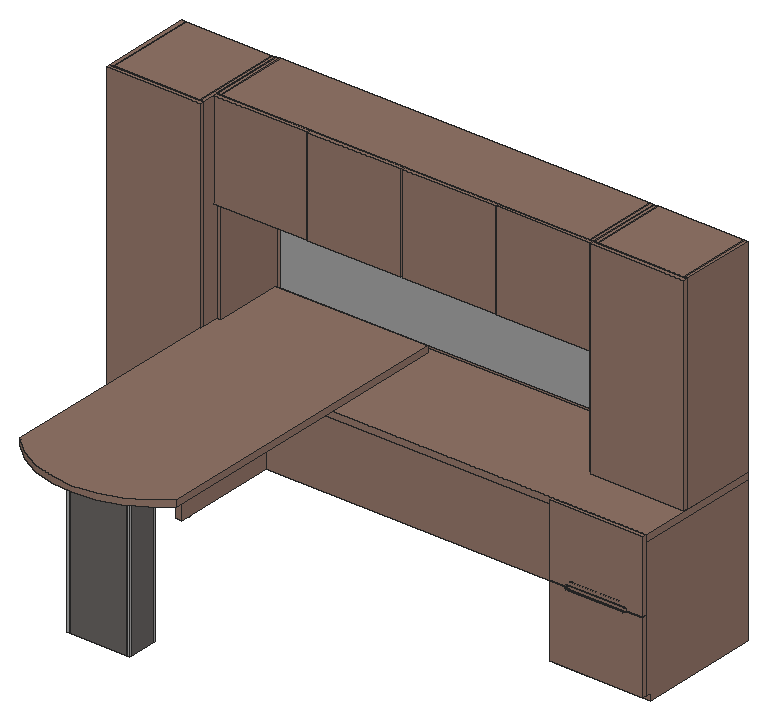
Revit family "OFS TYPICAL T100007", category Furniture, Revit 2022 (continued)
Definition of nested family "OFS SLATE HIGHBACK ORGANIZER"
  Types (27): name | Width | Model | Length 2 | Length 1 | High | Height 1 | Height | Description | Center Doors
    Highback Organizer 4 Doors 84W x 40H - 1 High | 7' - 0" | "CA-8440HD19" | 3' - 6" | 0' - 0" | 1 | 1' - 7" | 3' - 4" | "OFS SLATE Highback Organizer 4 Doors, 84W x 15D x 39.5H, Slate Private Office" | no
    Highback Organizer 4 Doors 78W x 40H - 1 High | 6' - 6" | "CA-7840HD19" | 3' - 3" | 0' - 0" | 1 | 1' - 7" | 3' - 4" | "OFS SLATE Highback Organizer 4 Doors, 78W x 15D x 39.5H, Slate Private Office" | no
    Highback Organizer 4 Doors 72W x 40H - 1 High | 6' - 0" | "CA-7240HD19" | 3' - 0" | 0' - 0" | 1 | 1' - 7" | 3' - 4" | "OFS SLATE Highback Organizer 4 Doors, 72W x 15D x 39.5H, Slate Private Office" | no
    Highback Organizer 4 Doors 66W x 40H - 1 High | 5' - 6" | "CA-6640HD19" | 2' - 9" | 0' - 0" | 1 | 1' - 7" | 3' - 4" | "OFS SLATE Highback Organizer 4 Doors, 66W x 15D x 39.5H, Slate Private Office" | no
    Highback Organizer 4 Doors 60W x 40H - 1 High | 5' - 0" | "CA-6040HD19" | 2' - 6" | 0' - 0" | 1 | 1' - 7" | 3' - 4" | "OFS SLATE Highback Organizer 4 Doors, 60W x 15D x 39.5H, Slate Private Office" | no
  Reference planes (in)
    plane 1 "Center (Front/Back)": y = 0
    plane 2: z = 0
    plane 3 "Center (Left/Right)": x = 0
    plane 4: x = 60
    plane 5: y = -14.25
    plane 6: x = 30
    plane 7: z = 29.25
    plane 8: z = 68.75
    plane 9: z = 68
    plane 10: z = 51.4375
    plane 11: z = 50.25
    plane 12: z = 29.75
    plane 13: z = 69.25
    plane 14: x = 30
    plane 15: x = 30
    plane 16: x = 15
    plane 17: x = 45
  Forms (in)
    Extrusion 1, solid, material <- "Panel"
      sketch origin (30, -0.75, 47.24409) x (0, 1, 0) y (0, 0, 1)
        loop
          line (0, 20.7559) -> (-13.5, 20.7559) -> (-13.5, 4.19341) -> (0, 4.19341) -> (0, 20.7559)
      from -0.375 to 0.375
    Extrusion 2, solid, material <- "Panel"
      sketch origin (30, -0.75, 47.24409) x (0, 1, 0) y (0, 0, -1)
        loop
          line (0, -20.7559) -> (0, -4.19341) -> (-13.5, -4.19341) -> (-13.5, -20.7559) -> (0, -20.7559)
      from -0.375 to 0.375
    Extrusion 3, solid, material <- "Panel"
      sketch origin (0, 0, 0) x (1, 0, 0) y (0, 0, 1)
        loop
          line (0, 68.75) -> (0, 29.25) -> (0.75, 29.25) -> (0.75, 68.75) -> (0, 68.75)
        loop
          line (60, 68.75) -> (59.25, 68.75) -> (59.25, 29.25) -> (60, 29.25) -> (60, 68.75)
      from 0 to 14.25
    Extrusion 4, solid, material <- "Back"
      sketch origin (0.75, 0, 68.75) x (0, 0, -1) y (0, 1, 0)
        loop
          line (0.75, 0) -> (0.75, -0.75) -> (39, -0.75) -> (39, 0) -> (0.75, 0)
      from 0 to 58.5
    Extrusion 5, solid, material <- "Base Panel"
      sketch origin (0.75, 0, 68.75) x (0, 0, -1) y (0, 1, 0)
        loop
          line (17.3125, -0.75) -> (17.3125, -14.25) -> (18.5, -14.25) -> (18.5, -0.75) -> (17.3125, -0.75)
      from 0 to 58.5
    Extrusion 6, solid, material <- "Top"
      sketch origin (0.75, 0, 68.75) x (0, 0, -1) y (0, 1, 0)
        loop
          line (0, 0) -> (0, -14.25) -> (0.75, -14.25) -> (0.75, 0) -> (0, 0)
      from 0 to 58.5
    Extrusion 7, solid, material <- "Doors", visible <- "Show Doors"
      sketch origin (-3.76383, -14.25, 47.24409) x (-1, 0, 0) y (0, 0, 1)
        loop
          line (-3.88883, 21.5059) -> (-18.69883, 21.5059) -> (-18.69883, 3.00591) -> (-3.88883, 3.00591) -> (-3.88883, 21.5059)
        loop
          line (-63.63883, 21.5059) -> (-63.63883, 3.00591) -> (-48.82883, 3.00591) -> (-48.82883, 21.5059) -> (-63.63883, 21.5059)
      from 0 to -0.74845
    Extrusion 8, solid, material <- "Doors", visible <- "Show Doors"
      sketch origin (-3.76383, -14.25, 47.24409) x (-1, 0, 0) y (0, 0, 1)
        loop
          line (-33.63883, 21.5059) -> (-33.63883, 3.00591) -> (-18.82883, 3.00591) -> (-18.82883, 21.5059) -> (-33.63883, 21.5059)
        loop
          line (-33.88883, 21.5059) -> (-48.69883, 21.5059) -> (-48.69883, 3.00591) -> (-33.88883, 3.00591) -> (-33.88883, 21.5059)
      from 0 to -0.74845
    Extrusion 9, solid, material <- "Doors", visible <- "Center Doors"
      sketch origin (-3.76383, -14.25, 47.24409) x (-1, 0, 0) y (0, 0, 1)
        loop
          line (-33.69883, 21.5059) -> (-33.69883, 3.00591) -> (-3.76383, 3.00591) -> (-3.76383, 21.5059) -> (-33.69883, 21.5059)
        loop
          line (-33.82883, 21.5059) -> (-63.76383, 21.5059) -> (-63.76383, 3.00591) -> (-33.82883, 3.00591) -> (-33.82883, 21.5059)
      from 0 to -0.74845
  Lines and regions (in)
    Masking region 1
      outline origin (69.63251, -60, 68.75) x (0, -1, 0) y (1, 0, 0)
        loop
          line (-60, -69.63251) -> (-45.75, -69.63251) -> (-45.75, -9.63251) -> (-60, -9.63251) -> (-60, -69.63251)
  Dimensions and locks (in)
    "Width": plane 3 "Center (Left/Right)" to plane 4
    equal spacing: plane 3 "Center (Left/Right)", plane 6, plane 4
    plane 1 "Center (Front/Back)" to plane 5 = 1' - 2 1/4"
    "Height": plane 13 to plane 7
    plane 13 to plane 8 to plane 9 = 0' - 0 1/2" locked, 0' - 0 3/4" locked
    locked: plane 10 to plane 11 at 1.1875
    locked: plane 12 to plane 7 at 0.5
    "Height 1": plane 13 to plane 11
    "Length 1": plane 14 to plane 6
    "Elevation": plane 7 to level
    "Length 1": plane 15 to plane 6
    locked: Extrusion 3 sketch curve to plane 3 "Center (Left/Right)" at 0.75
    locked: plane 4 to Extrusion 3 sketch curve at 0.75
    locked: Extrusion 7 sketch curve to plane 3 "Center (Left/Right)" at 0.125
    locked: Extrusion 7 sketch curve to plane 16 at 0.065
    locked: Extrusion 7 sketch curve to plane 17 at 0.065
    locked: plane 4 to Extrusion 7 sketch curve at 0.125
    equal spacing: plane 3 "Center (Left/Right)", plane 16, plane 14
    equal spacing: plane 15, plane 17, plane 4
    locked: plane 16 to Extrusion 8 sketch curve at 0.065
    locked: plane 14 to Extrusion 8 sketch curve at 0.125
    locked: plane 15 to Extrusion 8 sketch curve at 0.125
    locked: plane 17 to Extrusion 8 sketch curve at 0.065
    Extrusion 9 sketch curve to plane 6 to Extrusion 9 sketch curve = 0' - 0.065" locked, 0' - 0.065" locked
    "Length 2": Extrusion 9 sketch curve to plane 6
    "Length 2": plane 6 to Extrusion 9 sketch curve
    aligned and locked: level to plane 2
    aligned and locked: plane 6 to nested 1
    aligned and locked: nested 1 to plane 5
    aligned and locked: plane 5 to Extrusion 1 sketch curve
    aligned and locked: Extrusion 1 sketch curve to plane 10
    aligned and locked: Extrusion 1 sketch curve to plane 9
    aligned and locked: Extrusion 2 sketch curve to plane 9
    aligned and locked: Extrusion 2 sketch curve to plane 10
    aligned and locked: plane 5 to Extrusion 2 sketch curve
    aligned and locked: plane 3 "Center (Left/Right)" to Extrusion 3 sketch curve
    aligned and locked: plane 8 to Extrusion 3 sketch curve
    aligned and locked: plane 7 to Extrusion 3 sketch curve
    aligned and locked: Extrusion 3 sketch curve to plane 7
    aligned and locked: plane 4 to Extrusion 3 sketch curve
    aligned and locked: Extrusion 3 sketch curve to plane 8
    aligned and locked: Extrusion 3 to plane 5
    aligned and locked: Extrusion 4 sketch curve to plane 12
    aligned and locked: Extrusion 4 sketch curve to plane 9
    aligned and locked: Extrusion 4 to Extrusion 3
    aligned and locked: plane 10 to Extrusion 5 sketch curve
    aligned and locked: plane 11 to Extrusion 5 sketch curve
    aligned and locked: Extrusion 5 to Extrusion 3
    aligned and locked: plane 9 to Extrusion 6 sketch curve
    aligned and locked: plane 8 to Extrusion 6 sketch curve
    aligned and locked: Extrusion 6 to Extrusion 3
    aligned and locked: Masking region 1 sketch curve to Extrusion 3  (x4)
    aligned and locked: plane 11 to Extrusion 7 sketch curve
    aligned and locked: plane 8 to Extrusion 7 sketch curve
    aligned and locked: Extrusion 7 sketch curve to plane 11
    aligned and locked: Extrusion 7 sketch curve to plane 8
    aligned and locked: plane 8 to Extrusion 8 sketch curve
    aligned and locked: plane 11 to Extrusion 8 sketch curve
    aligned and locked: Extrusion 8 sketch curve to plane 11
    aligned and locked: Extrusion 8 sketch curve to plane 8
    aligned and locked: plane 8 to Extrusion 9 sketch curve
    aligned and locked: Extrusion 9 sketch curve to plane 8
    aligned and locked: plane 11 to Extrusion 9 sketch curve
    aligned and locked: Extrusion 9 sketch curve to plane 11
  Automatic sketch dimensions
    plane 1 "Center (Front/Back)" to Extrusion 1 sketch curve = 0' - 0 3/4"
    Extrusion 2 sketch curve to plane 1 "Center (Front/Back)" = 0' - 0 3/4"
    Extrusion 4 sketch curve to Extrusion 3 = 0' - 0"
    Extrusion 3 to Extrusion 4 sketch curve = 0' - 0 3/4"
    Extrusion 5 sketch curve to Extrusion 3 = 0' - 0"
    Extrusion 3 to Extrusion 5 sketch curve = 0' - 0 3/4"
    Extrusion 6 sketch curve to Extrusion 3 = 0' - 0"  (x2)
  Nested families (in)
    nested 1: "Tag" at (30, -14.25, 0), type "Center", detail levels fine
      with Offset (LR) 0' - 0"
  Definition of nested family "Tag"
    Parameters
      P_Width = 0' - 0"
      Text_Width = "Empty"
      Text_Height = "Empty"
      Text_Diameter = "Empty"
      Text_Depth = "Empty"
      Offset (LR) [instance] = 0' - 0"
      Model Name = "Type Catalog"
      P_Height = 0' - 0"
      Distance of Center (not Change) = 0' - 0.1"
      P_Diameter = 0' - 0"
      P_Depth = 0' - 0"
    Reference planes (in)
      plane 1: y = 0
      plane 2: x = 0
    Lines and regions (in)
      reference lines
        curve 1: line (-0.44359, 0.1, 0) -> (0.41085, 0.1, 0)
        curve 3: line (0, 0.42564, 0) -> (0, -0.30221, 0)
      reference lines, not visible
        curve 2: line (-0.44359, 0.09843, 0) -> (0.41085, 0.09843, 0)
        curve 4: line (0, 0.42407, 0) -> (0, -0.30379, 0)
    Text (in)
      label "Empty" at (0.00197, 0.0921, 0), shows "Model Name"
      label "Empty" at (0.00197, 0.09052, 0), shows "Model Name", not visible
    Dimensions and locks (in)
      "Distance of Center (not Change)": plane 1 to curve 1
      "Offset (LR)": curve 3 to plane 2
    Automatic sketch dimensions
      curve 1 to curve 3 = 0' - 0.44359"
      curve 3 to curve 1 = 0' - 0.41085"
      curve 3 to curve 1 = 0' - 0.40221"
      curve 1 to curve 3 = 0' - 0.32564"
      curve 2 to curve 4 = 0' - 0.44359"
      curve 4 to curve 2 = 0' - 0.41085"
      curve 4 to curve 2 = 0' - 0.40221"
      curve 2 to curve 4 = 0' - 0.32564"
Definition of nested family "OFS SLATE CREDENZA SINGLE LATERAL FILE"
  Parameters (values of type "Credenza Single Lateral 108W Left, 36 file")
    Width = 9' - 0"
    URL = "http://www.ofs.com/"
    Type = 2
    Top [instance] = none
    Right = Type = 1  # no
    Panel [instance] = none
    Mount Panel [instance] = none
    Model = "CA-10824CRLL-2"
    Manufacturer = "CAROLINA"
    Length = if(Width = 6' 0", 3' 0", if(Width = 7' 6", 1' 6", if(Width = 9' 0", 3' 0", 2' 6")))  # 3' - 0"
    Left = Type = 2  # yes
    Glides [instance] = none
    Drawers [instance] = none
    Description = "OFS SLATE Credenza Single Lateral Left, 36 File 108W x 24D x 29,25H, Slate Private Office"
    Default Elevation = 0' - 0"
    Copyright © = "© 2019 OFS"
    Catalog = "https://ofs.com/products/tables/conference/slate"
    Case [instance] = none
    Base [instance] = none
    Authoring Version = "Autodesk Revit Architecture 2014"
    Assembly Code = "E2020200"
    Acessories = Width > 6' 0"  # yes
  Types (10): name | Width | Type | Right | Model | Length | Left | Description | Acessories
    Credenza Single Lateral 108W Left, 36 file | 9' - 0" | 2 | no | "CA-10824CRLL-2" | 3' - 0" | yes | "OFS SLATE Credenza Single Lateral Left, 36 File 108W x 24D x 29,25H, Slate Private Office" | yes
    Credenza Single Lateral 90W Left, 36 file | 7' - 6" | 2 | no | "CA-9024CRLL-2" | 1' - 6" | yes | "OFS SLATE Credenza Single Lateral Left, 36 File 90W x 24D x 29,25H, Slate Private Office" | yes
    Credenza Single Lateral 72W Left, 36 file | 6' - 0" | 2 | no | "CA-7224CRLL-2" | 3' - 0" | yes | "OFS SLATE Credenza Single Lateral Left, 36 File 72W x 24D x 29,25H, Slate Private Office" | no
    Credenza Single Lateral 66W Left, 30 file | 5' - 6" | 2 | no | "CA-6624CRLL-2" | 2' - 6" | yes | "OFS SLATE Credenza Single Lateral Left, 30 File 66W x 24D x 29,25H, Slate Private Office" | no
    Credenza Single Lateral 60W Left, 30 file | 5' - 0" | 2 | no | "CA-6024CRLL-2" | 2' - 6" | yes | "OFS SLATE Credenza Single Lateral Left, 30 File 60W x 24D x 29,25H, Slate Private Office" | no
    Credenza Single Lateral 108W Right, 36 file | 9' - 0" | 1 | yes | "CA-10824CRRL-2" | 3' - 0" | no | "OFS SLATE Credenza Single Lateral Right, 36 File 108W x 24D x 29,25H, Slate Private Office" | yes
    Credenza Single Lateral 90W Right, 36 file | 7' - 6" | 1 | yes | "CA-9024CRRL-2" | 1' - 6" | no | "OFS SLATE Credenza Single Lateral Right, 36 File 90W x 24D x 29,25H, Slate Private Office" | yes
    Credenza Single Lateral 72W Right, 36 file | 6' - 0" | 1 | yes | "CA-7224CRRL-2-2" | 3' - 0" | no | "OFS SLATE Credenza Single Lateral Right, 36 File 72W x 24D x 29,25H, Slate Private Office" | no
    Credenza Single Lateral 66W Right, 30 file | 5' - 6" | 1 | yes | "CA-6624CRRL-2" | 2' - 6" | no | "OFS SLATE Credenza Single Lateral Right, 30 File 66W x 24D x 29,25H, Slate Private Office" | no
    Credenza Single Lateral 60W Right, 30 file | 5' - 0" | 1 | yes | "CA-6024CRRL-2" | 2' - 6" | no | "OFS SLATE Credenza Single Lateral Right, 30 File 60W x 24D x 29,25H, Slate Private Office" | no
  Reference planes (in)
    plane 1 "Center (Front/Back)": y = 0
    plane 2: z = 0
    plane 3 "Center (Left/Right)": x = 0
    plane 4: x = -108
    plane 5: z = 29.2
    plane 6: z = 28.0125
    plane 7: z = 27.2625
    plane 8: z = 14.45
    plane 9: z = 15.48125
    plane 10: z = 0.45
    plane 11: y = 24
    plane 12: y = 12
    plane 13: y = 22.62456
    plane 14: y = 2.25044
    plane 15: x = 108
  Dimensions and locks (in)
    "Width": plane 4 to plane 3 "Center (Left/Right)"
    equal spacing: plane 11, plane 12, plane 1 "Center (Front/Back)"
    locked: plane 11 to plane 1 "Center (Front/Back)" at 24
    equal spacing: plane 4, nested 1, plane 3 "Center (Left/Right)"
    "Width": plane 15 to plane 3 "Center (Left/Right)"
    equal spacing: plane 15, nested 2, plane 3 "Center (Left/Right)"
    aligned and locked: level to plane 2
  Nested families (in)
    nested 1: "Tag" at (-54, -0.82971, 0) x (-1, 0, 0) z (0, 0, 1), visible <- "Left", type "Center", detail levels fine
      with Offset (LR) 0' - 0", Distance of Center (not Change) 0' - 0.11"
    nested 2: "Tag" at (54, -0.82971, 0), visible <- "Right", type "Center", detail levels fine
      with Offset (LR) 0' - 0", Distance of Center (not Change) 0' - 0.11"
    nested 3: "OFS_Slate Private Office_Credenza_Single_Lateral_File" at (0, 0, 0), visible <- "Left", Top <- "Top", Panel <- "Panel", Mount Panel <- "Mount Panel", Glides <- "Glides", Drawers <- "Drawers", Case <- "Case", Base <- "Base", type "OFS_Slate Private Office_Credenza_Single_Lateral_File"
      with Top none, Right no, Panel none, Mount Panel none, Left yes, Glides none, Drawers none, Case none, Base none, Width 9' - 0", Length 3' - 0", Acessories yes
    nested 4: "OFS_Slate Private Office_Credenza_Single_Lateral_File" at (0, 0, 0) x (-1, 0, 0) z (0, 0, 1), visible <- "Right", Top <- "Top", Panel <- "Panel", Mount Panel <- "Mount Panel", Glides <- "Glides", Drawers <- "Drawers", Case <- "Case", Base <- "Base", type "OFS_Slate Private Office_Credenza_Single_Lateral_File"
      with Top none, Right no, Panel none, Mount Panel none, Left yes, Glides none, Drawers none, Case none, Base none, Width 9' - 0", Length 3' - 0", Acessories yes
  Definition of nested family "OFS_Slate Private Office_Credenza_Single_Lateral_File"
    Parameters
      Width = 5' - 0"
      URL = "http://www.ofsbrands.com/"
      Top [instance] = none
      Right [instance] = yes
      Panel [instance] = none
      Mount Panel [instance] = none
      Model = "Type Catalog"
      Manufacturer = "OFS BRANDS"  # constant formula
      Length = if(Width = 6' 0", 3' 0", if(Width = 7' 6", 1' 6", if(Width = 9' 0", 3' 0", 2' 6")))  # 2' - 6"
      Left [instance] = yes
      Glides [instance] = none
      Drawers [instance] = none
      Description = "Type Catalog"
      Default Elevation = 0' - 0"
      Copyright © = "© 2016 OFS BRANDS"  # constant formula
      Catalog = "OFS"  # constant formula
      Case [instance] = none
      Base [instance] = none
      Authoring Version = "Autodesk Revit Architecture 2014"  # constant formula
      Assembly Code = "E2020200"
      Acessories = Width > 6' 0"  # no
    Reference planes (in)
      plane 1 "Center (Front/Back)": y = 0
      plane 2: z = 0
      plane 3 "Center (Left/Right)": x = 0
      plane 4: x = -60
      plane 5: z = 29.2
      plane 6: z = 28.0125
      plane 7: z = 27.2625
      plane 8: z = 14.45
      plane 9: z = 15.48125
      plane 10: z = 0.45
      plane 11: x = -30
      plane 12: y = 24
      plane 13: y = 12
      plane 14: y = 22.62456
      plane 15: y = 2.25044
      plane 16: x = -58.6091
      plane 17: x = -31.3909
      plane 18: x = -0.59375
      plane 19: x = -30
      plane 20: x = -36.59375
    Forms (in)
      Revolve 1, solid, material <- "Glides"
        sketch origin (-58.6091, 22.99766, 47.24409) x (0, -1, 0) y (0, 0, 1)
          loop
            line (0.3731, -47.24409) -> (0.3731, -46.79409) -> (0.08442, -46.79409) -> (0.08442, -46.99165)
            arc (0.08442, -46.99165) -> (-0.00059, -47.13636) -> (0.1281, -47.24409) r 0.12988
            line (0.1281, -47.24409) -> (0.3731, -47.24409)
          axis (0.3731, -46.79409) -> (0.3731, -47.24409)
        angle from 0 to 360
      Revolve 2, solid, material <- "Glides"
        sketch origin (-58.6091, 1.00234, 47.24409) x (0, 1, 0) y (0, 0, -1)
          loop
            line (1.2481, 47.24409) -> (1.0031, 47.24409)
            arc (1.0031, 47.24409) -> (0.87441, 47.13636) -> (0.95942, 46.99165) r 0.12988
            line (0.95942, 46.99165) -> (0.95942, 46.79409) -> (1.2481, 46.79409) -> (1.2481, 47.24409)
          axis (1.2481, 46.79409) -> (1.2481, 47.24409)
        angle from 0 to 360
      Revolve 3, solid, material <- "Glides"
        sketch origin (-31.3909, 22.99766, 47.24409) x (0, -1, 0) y (0, 0, 1)
          loop
            line (0.3731, -47.24409) -> (0.3731, -46.79409) -> (0.08442, -46.79409) -> (0.08442, -46.99165)
            arc (0.08442, -46.99165) -> (-0.00059, -47.13636) -> (0.1281, -47.24409) r 0.12988
            line (0.1281, -47.24409) -> (0.3731, -47.24409)
          axis (0.3731, -46.79409) -> (0.3731, -47.24409)
        angle from 0 to 360
      Revolve 4, solid, material <- "Glides"
        sketch origin (-31.3909, 22.99766, 47.24409) x (0, -1, 0) y (0, 0, 1)
          loop
            line (20.74722, -47.24409) -> (20.99222, -47.24409)
            arc (20.99222, -47.24409) -> (21.12091, -47.13636) -> (21.0359, -46.99165) r 0.12988
            line (21.0359, -46.99165) -> (21.0359, -46.79409) -> (20.74722, -46.79409) -> (20.74722, -47.24409)
          axis (20.74722, -46.79409) -> (20.74722, -47.24409)
        angle from 0 to 360
      Revolve 5, solid, material <- "Glides"
        sketch origin (-0.59375, 22.99766, 47.24409) x (0, -1, 0) y (0, 0, 1)
          loop
            line (0.3731, -47.24409) -> (0.3731, -46.79409) -> (0.08442, -46.79409) -> (0.08442, -46.99165)
            arc (0.08442, -46.99165) -> (-0.00059, -47.13636) -> (0.1281, -47.24409) r 0.12988
            line (0.1281, -47.24409) -> (0.3731, -47.24409)
          axis (0.3731, -46.79409) -> (0.3731, -47.24409)
        angle from 0 to 360
      Revolve 6, solid, material <- "Glides"
        sketch origin (-0.59375, 22.99766, 47.24409) x (0, -1, 0) y (0, 0, 1)
          loop
            line (20.74722, -47.24409) -> (20.99222, -47.24409)
            arc (20.99222, -47.24409) -> (21.12091, -47.13636) -> (21.0359, -46.99165) r 0.12988
            line (21.0359, -46.99165) -> (21.0359, -46.79409) -> (20.74722, -46.79409) -> (20.74722, -47.24409)
          axis (20.74722, -46.79409) -> (20.74722, -47.24409)
        angle from 0 to 360
      Extrusion 7, solid, material <- "Mount Panel"
        sketch origin (0, 0, 0) x (1, 0, 0) y (0, 1, 0)
          loop
            line (-30, 24) -> (-30, 20.75) -> (-29.25, 20.75) -> (-29.25, 24) -> (-30, 24)
          loop
            line (-1.9375, 24) -> (-1.9375, 20.75) -> (-1.1875, 20.75) -> (-1.1875, 24) -> (-1.9375, 24)
        from 0.45 to 28.0125
      Extrusion 8, solid, material <- "Mount Panel"
        sketch origin (0, 0, 0) x (1, 0, 0) y (0, 0, 1)
          loop
            line (-30, 14.45) -> (-30, 0.45) -> (-1.1875, 0.45) -> (-1.1875, 14.45) -> (-30, 14.45)
        from -20.75 to -20
      Extrusion 9, solid, material <- "Mount Panel"
        sketch origin (0, 0, 0) x (1, 0, 0) y (0, 0, 1)
          loop
            line (-29.875, 14.575) -> (-1.3125, 14.575) -> (-1.3125, 27.2625) -> (-29.875, 27.2625) -> (-29.875, 14.575)
        from -20 to -20.75
      Extrusion 10, solid, material <- "Top"
        sketch origin (-58.6091, 22.99766, 47.24409) x (0, -1, 0) y (0, 0, 1)
          loop
            line (-1.00234, -18.04409) -> (-1.00234, -19.2316) -> (22.99766, -19.2316) -> (22.99766, -18.04409) -> (-1.00234, -18.04409)
        from 1.3909 to -58.6091
      Extrusion 11, solid, material <- "Case"
        sketch origin (0, 0, 0) x (1, 0, 0) y (0, 0, 1)
          loop
            line (-60, 28.0125) -> (-60, 1.7) -> (-59.25, 1.7) -> (-59.25, 28.0125) -> (-60, 28.0125)
        from 0 to -24
      Sweep 12, solid, material <- "Case"
        path origin (4.6577, -60, 0.45) x (0, -1, 0) y (1, 0, 0)
          loop
            line (-84, -63.9077) -> (-61.625, -63.9077) -> (-61.625, -35.4077) -> (-84, -35.4077)
        profile origin (-45, 1.625, 0.45) x (0, 1, 0) y (0, 0, 1)
          loop
            line (0, 0) -> (0, 1.25) -> (-0.75, 1.25) -> (-0.75, 0) -> (0, 0)
      Extrusion 13, solid, material <- "Case"
        sketch origin (-30, 29.25769, 47.24409) x (0, -1, 0) y (0, 0, 1)
          loop
            line (29.25769, -45.54409) -> (29.25769, -19.2316) -> (5.25769, -19.2316) -> (5.25769, -45.54409) -> (29.25769, -45.54409)
        from 0 to 0.75
      Extrusion 14, solid, material <- "Drawers"
        sketch origin (0, 0, 0) x (1, 0, 0) y (0, 0, 1)
          loop
            line (-59.875, 29.1375) -> (-59.875, 15.48125) -> (-30, 15.48125) -> (-30, 29.1375) -> (-59.875, 29.1375)
          loop
            line (-30, 15.35625) -> (-59.875, 15.35625) -> (-59.875, 1.7) -> (-30, 1.7) -> (-30, 15.35625)
        from 0.08661 to 0.83661
      Extrusion 15, solid, material <- "Case"
        sketch origin (4.6577, -60, 0.45) x (0, -1, 0) y (-1, 0, 0)
          loop
            line (-83.25, 63.9077) -> (-83.25, 62.4077) -> (-81.75, 62.4077) -> (-81.75, 63.9077) -> (-83.25, 63.9077)
          loop
            line (-63.125, 62.4077) -> (-61.625, 62.4077) -> (-61.625, 63.9077) -> (-63.125, 63.9077) -> (-63.125, 62.4077)
          loop
            line (-63.125, 36.9077) -> (-63.125, 35.4077) -> (-61.625, 35.4077) -> (-61.625, 36.9077) -> (-63.125, 36.9077)
          loop
            line (-83.25, 36.9077) -> (-83.25, 35.4077) -> (-81.75, 35.4077) -> (-81.75, 36.9077) -> (-83.25, 36.9077)
        from 0 to -1.25
      Extrusion 16, solid, material <- "Base"
        sketch origin (-59.875, 0, 1.7) x (0, -1, 0) y (-1, 0, 0)
          loop
            line (-23.25, -0.625) -> (-23.25, -29.125) -> (0, -29.125) -> (0, -0.625) -> (-23.25, -0.625)
        from 0 to -0.75
      Sweep 17, void
        path origin (0, -0.83661, 0) x (1, 0, 0) y (0, 0, 1)
          loop
            arc (-56.31491, 16.23051) -> (-57.12667, 15.41875) -> (-56.31491, 14.60699) r 0.81176
            line (-56.31491, 14.60699) -> (-33.56009, 14.60699)
            arc (-33.56009, 14.60699) -> (-32.74833, 15.41875) -> (-33.56009, 16.23051) r 0.81176
            line (-33.56009, 16.23051) -> (-56.31491, 16.23051)
        profile origin (-44.9375, -0.83661, 16.23051) x (0, 0, 1) y (0, -1, 0)
          loop
            line (-0.74926, 0) -> (-0.74926, -0.59375) -> (-0.23321, -0.59375)
            arc (-0.23321, -0.59375) -> (-0.00108, -0.37984) -> (-0.19535, -0.13104) r 0.23291
            arc (-0.19535, -0.13104) -> (-0.23397, -0.10917) -> (-0.24927, -0.06751) r 0.06438
            line (-0.24927, -0.06751) -> (-0.24927, 0) -> (-0.74926, 0)
      Extrusion 18, solid, material <- "Panel"
        sketch origin (0, 0, 0) x (1, 0, 0) y (0, 0, 1)
          loop
            line (-1.1875, 28.0125) -> (-1.1875, 0.45) -> (0, 0.45) -> (0, 28.0125) -> (-1.1875, 28.0125)
        from 0 to -24
      Extrusion 19, solid, material <- "Case"
        sketch origin (-59.875, 0, 1.7) x (0, -1, 0) y (-1, 0, 0)
          loop
            line (-23.25, -0.625) -> (-24, -0.625) -> (-24, -29.125) -> (-23.25, -29.125) -> (-23.25, -0.625)
        from 1.25 to -26.3125
      Extrusion 20, solid, material <- "Mount Panel", visible <- "Acessories"
        sketch origin (-36.59375, 20.75, 47.24409) x (0, 1, 0) y (0, 0, 1)
          loop
            line (3.25, -19.2316) -> (0, -19.2316) -> (0, -46.79409) -> (3.25, -46.79409) -> (3.25, -19.2316)
        from -0.375 to 0.375
      Extrusion 21, void
        sketch origin (-78.64777, -60, 29.2) x (0, -1, 0) y (-1, 0, 0)
          loop
            line (-80.75, -41.92902) -> (-80.75, -42.17902) -> (-80, -42.17902) -> (-80, -41.92902) -> (-80.75, -41.92902)
        from 1.9375 to 14.625
    Cuts and joins
      Sweep 17 cuts Extrusion 14
      joined: Revolve 1, Revolve 2, Revolve 3, Revolve 4, Revolve 5, Revolve 6
      joined: Extrusion 11, Sweep 12, Extrusion 13, Extrusion 19
      Extrusion 21 cuts Extrusion 9
      Extrusion 21 cuts Extrusion 20
    Lines and regions (in)
      Masking region 1
        outline origin (-78.64777, -60, 29.2) x (-1, 0, 0) y (0, -1, 0)
          loop
            line (-18.64777, -84) -> (-18.64777, -60) -> (-78.64777, -60) -> (-78.64777, -84) -> (-18.64777, -84)
          loop
            line (-18.77276, -59.16339) -> (-48.64777, -59.16339) -> (-48.64777, -59.91339) -> (-18.77276, -59.91339) -> (-18.77276, -59.16339)
      reference lines, visible <- "Left"
        curve 1: line (-60, -4.62788, 29.2) -> (-60, 29.25769, 29.2)
      reference lines, visible <- "Right"
        curve 2: line (0, -4.62788, 29.2) -> (0, 29.25769, 29.2)
    Dimensions and locks (in)
      "Width": plane 4 to plane 3 "Center (Left/Right)"
      equal spacing: plane 12, plane 13, plane 1 "Center (Front/Back)"
      locked: plane 12 to plane 1 "Center (Front/Back)" at 24
      locked: plane 18 to plane 3 "Center (Left/Right)" at 0.59375
      "Length": plane 4 to plane 19
      locked: plane 4 to plane 16 at 1.3909
      locked: plane 17 to plane 19 at 1.3909
      locked: plane 11 to Extrusion 7 sketch curve at 0.75
      locked: Extrusion 7 sketch curve to plane 18 at 1.34375
      locked: plane 4 to Sweep 12 sketch curve at 0.75
      locked: Sweep 12 sketch curve to plane 19 at 0.75
      Extrusion 15 sketch curve to Extrusion 15 sketch curve to plane 19 = 0' - 1 1/2" locked, 0' - 0 3/4" locked
      locked: plane 4 to Extrusion 16 sketch curve at 0.75
      locked: Extrusion 16 sketch curve to plane 19 at 0.75
      locked: plane 19 to plane 11
      plane 4 to plane 3 "Center (Left/Right)" = 5' - 0"
      locked: plane 4 to Sweep 17 sketch curve at 3.68509
      locked: Sweep 17 sketch curve to plane 19 at 3.56009
      locked: plane 20 to plane 18 at 36
      Extrusion 21 sketch curve to plane 20 to Extrusion 21 sketch curve = 0' - 0 1/8" locked, 0' - 0 1/8" locked
      aligned and locked: level to plane 2
      aligned and locked: Extrusion 7 sketch curve to plane 11
      aligned and locked: Extrusion 10 sketch curve to plane 5
      aligned and locked: Extrusion 10 sketch curve to plane 12
      aligned and locked: Extrusion 10 sketch curve to plane 6
      aligned and locked: Extrusion 10 sketch curve to plane 1 "Center (Front/Back)"
      aligned and locked: plane 4 to Extrusion 10
      aligned and locked: plane 3 "Center (Left/Right)" to Extrusion 10
      aligned and locked: Extrusion 15 sketch curve to Extrusion 15 sketch curve  (x2)
      aligned and locked: Masking region 1 sketch curve to Sweep 12  (x2)
      aligned and locked: Masking region 1 sketch curve to Extrusion 10  (x2)
    Automatic sketch dimensions
      plane 10 to Revolve 1 sketch curve = 0' - 0"
      Revolve 1 sketch curve to level = 0' - 0"  (x2)
      Revolve 1 sketch curve to plane 14 = 0' - 0"  (x2)
      plane 14 to Revolve 1 sketch curve = 0' - 0.245"
      Revolve 1 sketch curve to Revolve 1 sketch curve = 0' - 0.00072"
      Revolve 1 sketch curve to Revolve 1 sketch curve = 0' - 0 11/256"
      level to Revolve 1 sketch curve = 0' - 0.12988"
      Revolve 1 sketch curve to level = 0' - 0.06704"
      plane 10 to Revolve 2 sketch curve = 0' - 0"
      Revolve 2 sketch curve to level = 0' - 0"  (x2)
      Revolve 2 sketch curve to plane 15 = 0' - 0"  (x2)
      Revolve 2 sketch curve to Revolve 2 sketch curve = 0' - 0.245"
      Revolve 2 sketch curve to Revolve 2 sketch curve = 0' - 0.00072"
      Revolve 2 sketch curve to Revolve 2 sketch curve = 0' - 0 11/256"
      Revolve 2 sketch curve to Revolve 2 sketch curve = 0' - 0.19756"
      Revolve 2 sketch curve to level = 0' - 0.06704"
      plane 10 to Revolve 3 sketch curve = 0' - 0"
      Revolve 3 sketch curve to level = 0' - 0"  (x2)
      Revolve 3 sketch curve to plane 14 = 0' - 0"  (x2)
      Revolve 3 sketch curve to plane 14 = 0' - 0.245"
      Revolve 3 sketch curve to Revolve 3 sketch curve = 0' - 0.00072"
      Revolve 3 sketch curve to Revolve 3 sketch curve = 0' - 0 11/256"
      Revolve 3 sketch curve to level = 0' - 0.12988"
      level to Revolve 3 sketch curve = 0' - 0.06704"
      Revolve 4 sketch curve to level = 0' - 0"  (x2)
      Revolve 4 sketch curve to plane 15 = 0' - 0"  (x2)
      plane 10 to Revolve 4 sketch curve = 0' - 0"
      plane 15 to Revolve 4 sketch curve = 0' - 0.245"
      Revolve 4 sketch curve to Revolve 4 sketch curve = 0' - 0.00072"
      plane 15 to Revolve 4 sketch curve = 0' - 0.28868"
      Revolve 4 sketch curve to level = 0' - 0.12988"
      level to Revolve 4 sketch curve = 0' - 0.06704"
      plane 10 to Revolve 5 sketch curve = 0' - 0"
      Revolve 5 sketch curve to level = 0' - 0"  (x2)
      Revolve 5 sketch curve to plane 14 = 0' - 0"  (x2)
      Revolve 5 sketch curve to Revolve 5 sketch curve = 0' - 0.245"
      Revolve 5 sketch curve to Revolve 5 sketch curve = 0' - 0.00072"
      Revolve 5 sketch curve to Revolve 5 sketch curve = 0' - 0 11/256"
      Revolve 5 sketch curve to level = 0' - 0.12988"
      level to Revolve 5 sketch curve = 0' - 0.06704"
      Revolve 6 sketch curve to level = 0' - 0"  (x2)
      Revolve 6 sketch curve to plane 15 = 0' - 0"  (x2)
      plane 10 to Revolve 6 sketch curve = 0' - 0"
      plane 15 to Revolve 6 sketch curve = 0' - 0.245"
      Revolve 6 sketch curve to Revolve 6 sketch curve = 0' - 0.00072"
      plane 15 to Revolve 6 sketch curve = 0' - 0.28868"
      Revolve 6 sketch curve to level = 0' - 0.12988"
      level to Revolve 6 sketch curve = 0' - 0.06704"
      Extrusion 7 sketch curve to plane 12 = 0' - 0"  (x2)
      Extrusion 7 sketch curve to plane 18 = 0' - 0 19/32"
      Extrusion 7 sketch curve to plane 14 = 0' - 1.87456"  (x2)
      Extrusion 8 sketch curve to plane 10 = 0' - 0"
      plane 11 to Extrusion 8 sketch curve = 0' - 0"
      Extrusion 8 sketch curve to plane 8 = 0' - 0"
      Extrusion 8 sketch curve to plane 18 = 0' - 0 19/32"
      Extrusion 9 sketch curve to plane 7 = 0' - 0"
      Extrusion 9 sketch curve to plane 11 = 0' - 0 1/8"
      Extrusion 9 sketch curve to plane 18 = 0' - 0 23/32"
      Extrusion 9 sketch curve to plane 8 = 0' - 0 1/8"
      plane 4 to Extrusion 11 sketch curve = 0' - 0"
      Extrusion 11 sketch curve to plane 6 = 0' - 0"
      plane 16 to Extrusion 11 sketch curve = 0' - 0.6409"
      Extrusion 11 sketch curve to plane 10 = 0' - 1 1/4"
      Sweep 12 sketch curve to plane 1 "Center (Front/Back)" = 0' - 1 5/8"
      plane 14 to Sweep 12 sketch curve = 0' - 1.37544"  (x2)
      plane 10 to Sweep 12 sketch curve = 0' - 0"
      Sweep 12 sketch curve to profile plane = 0' - 0"
      profile plane to Sweep 12 sketch curve = 0' - 0 3/4"
      Sweep 12 sketch curve to plane 10 = 0' - 1 1/4"
      Extrusion 13 sketch curve to plane 12 = 0' - 0"
      Extrusion 13 sketch curve to plane 1 "Center (Front/Back)" = 0' - 0"
      plane 6 to Extrusion 13 sketch curve = 0' - 0"
      Extrusion 13 sketch curve to plane 10 = 0' - 1 1/4"
      Extrusion 14 sketch curve to plane 5 = 0' - 0 1/16"
      Extrusion 14 sketch curve to plane 9 = 0' - 0"
      plane 11 to Extrusion 14 sketch curve = 0' - 0"  (x2)
      plane 16 to Extrusion 14 sketch curve = 0' - 1.26591"
      Extrusion 14 sketch curve to Extrusion 14 sketch curve = 0' - 0"
      Extrusion 14 sketch curve to Extrusion 14 sketch curve = 0' - 0 1/8"
      Extrusion 14 sketch curve to plane 10 = 0' - 1 1/4"
      plane 14 to Extrusion 15 sketch curve = 0' - 0.62544"  (x2)
      Extrusion 15 sketch curve to plane 14 = 0' - 0.87456"  (x2)
      plane 15 to Extrusion 15 sketch curve = 0' - 0.87456"  (x2)
      Extrusion 15 sketch curve to plane 15 = 0' - 0.62544"  (x2)
      plane 16 to Extrusion 15 sketch curve = 0' - 0.6409"  (x2)
      Extrusion 15 sketch curve to plane 16 = 0' - 0.8591"  (x2)
      Extrusion 14 to Extrusion 16 sketch curve = 1' - 11.33661"
      Extrusion 14 to Extrusion 16 sketch curve = 0' - 0.08661"
      Sweep 17 sketch curve to Extrusion 14 = 0' - 0.74926"
      Extrusion 14 to Sweep 17 sketch curve = 0' - 0 1/16"
      Sweep 17 sketch curve to profile plane = 0' - 0"
      profile plane to Sweep 17 sketch curve = 0' - 0.74926"
      Sweep 17 sketch curve to profile plane = 0' - 0.06751"
      profile plane to Sweep 17 sketch curve = 0' - 0.24927"
      profile plane to Sweep 17 sketch curve = 0' - 0.23321"
      Sweep 17 sketch curve to Sweep 17 sketch curve = 0' - 0.06438"
      Sweep 17 sketch curve to Sweep 17 sketch curve = 0' - 0.29333"
      Sweep 17 sketch curve to Sweep 17 sketch curve = 0' - 0.23291"
      Extrusion 18 sketch curve to plane 10 = 0' - 0"
      Extrusion 18 sketch curve to plane 6 = 0' - 0"
      Extrusion 18 sketch curve to plane 3 "Center (Left/Right)" = 0' - 0"
      Extrusion 18 sketch curve to plane 18 = 0' - 0 19/32"
      Extrusion 19 sketch curve to Extrusion 14 = 0' - 0 5/8"
      Extrusion 14 to Extrusion 19 sketch curve = 2' - 0.08661"
      Extrusion 19 sketch curve to Extrusion 19 sketch curve = 0' - 0 3/4"
      Extrusion 14 to Extrusion 19 sketch curve = 0' - 0 3/4"
      Masking region 1 sketch curve to plane 11 = 0' - 0"
      Masking region 1 sketch curve to plane 4 = 0' - 0 1/8"
      plane 1 "Center (Front/Back)" to Masking region 1 sketch curve = 0' - 0.08661"
      Masking region 1 sketch curve to Masking region 1 sketch curve = 0' - 0 3/4"
      plane 6 to Extrusion 20 sketch curve = 0' - 0"
      plane 10 to Extrusion 20 sketch curve = 0' - 0"
      Extrusion 20 sketch curve to plane 14 = 0' - 1.87456"
      plane 14 to Extrusion 20 sketch curve = 0' - 1.37544"
      Extrusion 21 sketch curve to plane 14 = 0' - 1.87456"
      Extrusion 21 sketch curve to Extrusion 21 sketch curve = 0' - 0 3/4"
      curve 2 to plane 3 "Center (Left/Right)" = 0' - 0"
      curve 1 to plane 4 = 0' - 0"
      plane 12 to curve 1 = 0' - 5.25769"
      plane 12 to curve 2 = 0' - 5.25769"
      plane 1 "Center (Front/Back)" to curve 2 = 0' - 4.62788"
      plane 1 "Center (Front/Back)" to curve 1 = 0' - 4.62788"
  Definition of nested family "Tag"
    Parameters
      P_Width = 0' - 0"
      Text_Width = "Empty"
      Text_Height = "Empty"
      Text_Diameter = "Empty"
      Text_Depth = "Empty"
      Offset (LR) [instance] = 0' - 0"
      Model Name = ""
      P_Height = 0' - 0"
      Distance of Center (not Change) = 0' - 0"
      P_Diameter = 0' - 0"
      P_Depth = 0' - 0"
    Reference planes (in)
      plane 1: y = 0
      plane 2: x = 0
    Lines and regions (in)
      reference lines
        curve 1: line (-0.44359, 0, 0) -> (0.41085, 0, 0)
        curve 3: line (0, 0.32564, 0) -> (0, -0.40221, 0)
      reference lines, not visible
        curve 2: line (-0.44359, 0.09843, 0) -> (0.41085, 0.09843, 0)
        curve 4: line (0, 0.42407, 0) -> (0, -0.30379, 0)
    Text (in)
      label "Empty" at (0.00197, -0.0079, 0), shows "Model Name"
      label "Empty" at (0.00197, 0.09052, 0), shows "Model Name", not visible
    Dimensions and locks (in)
      "Distance of Center (not Change)": plane 1 to curve 1
      "Offset (LR)": curve 3 to plane 2
    Automatic sketch dimensions
      curve 1 to curve 3 = 0' - 0.44359"
      curve 3 to curve 1 = 0' - 0.41085"
      curve 3 to curve 1 = 0' - 0.40221"
      curve 1 to curve 3 = 0' - 0.32564"
      curve 2 to curve 4 = 0' - 0.44359"
      curve 4 to curve 2 = 0' - 0.41085"
      curve 4 to curve 2 = 0' - 0.40221"
      curve 2 to curve 4 = 0' - 0.32564"
Definition of nested family "OFS SLATE OVERLAY RUNOFF DESK POST"
  Parameters (values of type "Overlay Runoff Desk with Post Base 84W x 36D - Rectangular Top")
    Worksurface [instance] = none
    Width = 7' - 0"
    URL = "http://www.ofs.com/"
    Top Type = 1
    Rectangular Top = Top Type = 1  # yes
    Default Elevation = 0' - 0"
    Arc End Top = Top Type = 2  # no
    Description = "OFS CAROLINA SLATE Overlay Runoff Desk Height Top Post Base 84W x 36D"
    Model = "CA-A8436WB"
    Manufacturer = "CAROLINA"
    Depth = 3' - 0"
    Copyright © = "© 2019 OFS"
    Column Edge [instance] = none
    Column [instance] = none
    Catalog = "https://ofs.com/products/tables/conference/slate"
    Authoring Version = "Autodesk Revit Architecture 2014"
    Assembly Code = "E2020200"
  Types (12): name | Width | Top Type | Rectangular Top | Arc End Top | Description | Model | Depth
    Overlay Runoff Desk with Post Base 84W x 36D - Arc End Top | 7' - 0" | 2 | no | yes | "OFS CAROLINA SLATE Overlay Runoff Desk Height Top Post Base 84W x 36D" | "CA-A8436WAB" | 3' - 0"
    Overlay Runoff Desk with Post Base 78W x 36D - Arc End Top | 6' - 6" | 2 | no | yes | "OFS CAROLINA SLATE Overlay Runoff Desk Height Top Post Base 78W x 36D" | "CA-A7836WAB" | 3' - 0"
    Overlay Runoff Desk with Post Base 72W x 36D - Arc End Top | 6' - 0" | 2 | no | yes | "OFS CAROLINA SLATE Overlay Runoff Desk Height Top Post Base 72W x 36D" | "CA-A7236WAB" | 3' - 0"
    Overlay Runoff Desk with Post Base 72W x 30D - Arc End Top | 6' - 0" | 2 | no | yes | "OFS CAROLINA SLATE Overlay Runoff Desk Height Top Post Base 72W x 30D" | "CA-A7230WAB" | 2' - 6"
    Overlay Runoff Desk with Post Base 66W x 30D - Arc End Top | 5' - 6" | 2 | no | yes | "OFS CAROLINA SLATE Overlay Runoff Desk Height Top Post Base 66W x 30D" | "CA-A6630WAB" | 2' - 6"
    Overlay Runoff Desk with Post Base 60W x 30D - Arc End Top | 5' - 0" | 2 | no | yes | "OFS CAROLINA SLATE Overlay Runoff Desk Height Top Post Base 60W x 30D" | "CA-A6030WAB" | 2' - 6"
    Overlay Runoff Desk with Post Base 84W x 36D - Rectangular Top | 7' - 0" | 1 | yes | no | "OFS CAROLINA SLATE Overlay Runoff Desk Height Top Post Base 84W x 36D" | "CA-A8436WB" | 3' - 0"
    Overlay Runoff Desk with Post Base 78W x 36D - Rectangular Top | 6' - 6" | 1 | yes | no | "OFS CAROLINA SLATE Overlay Runoff Desk Height Top Post Base 78W x 36D" | "CA-A7836WB" | 3' - 0"
    Overlay Runoff Desk with Post Base 72W x 36D - Rectangular Top | 6' - 0" | 1 | yes | no | "OFS CAROLINA SLATE Overlay Runoff Desk Height Top Post Base 72W x 36D" | "CA-A7236WB" | 3' - 0"
    Overlay Runoff Desk with Post Base 72W x 30D - Rectangular Top | 6' - 0" | 1 | yes | no | "OFS CAROLINA SLATE Overlay Runoff Desk Height Top Post Base 72W x 30D" | "CA-A7230WB" | 2' - 6"
    Overlay Runoff Desk with Post Base 66W x 30D - Rectangular Top | 5' - 6" | 1 | yes | no | "OFS CAROLINA SLATE Overlay Runoff Desk Height Top Post Base 66W x 30D" | "CA-A6630WB" | 2' - 6"
    Overlay Runoff Desk with Post Base 60W x 30D - Rectangular Top | 5' - 0" | 1 | yes | no | "OFS CAROLINA SLATE Overlay Runoff Desk Height Top Post Base 60W x 30D" | "CA-A6030WB" | 2' - 6"
  Reference planes (in)
    plane 1 "Center (Front/Back)": y = 0
    plane 2: z = 0
    plane 3 "Center (Left/Right)": x = 0
    plane 4 "rrr": through (-2.45771, -5.50063, 16.56517) normal (0.0223, 0.0194, 0.9996)
    plane 5: y = -36
    plane 6: x = 84
    plane 7: x = 42
    plane 8: y = -18
    plane 9: z = 30.3875
  Forms (in)
    Extrusion 1, solid, material <- "Worksurface", visible <- "Rectangular Top"
      sketch origin (0, 0, 0) x (0, 1, 0) y (0, 0, 1)
        loop
          line (0, 30.3875) -> (-36, 30.3875) -> (-36, 29.2) -> (0, 29.2) -> (0, 30.3875)
      from 0 to 84
    Extrusion 2, solid, material <- "Worksurface", visible <- "Arc End Top"
      sketch origin (84, -60, 30.3875) x (0, -1, 0) y (-1, 0, 0)
        loop
          line (-60, 84) -> (-60, 6.09543)
          arc (-60, 6.09543) -> (-42, 0) -> (-24, 6.09543) r 29.62499
          line (-24, 6.09543) -> (-24, 84) -> (-60, 84)
      from 0 to 1.1875
    Extrusion 3, solid, material <- "Column"
      sketch origin (0, 0, 0) x (1, 0, 0) y (0, 1, 0)
        loop
          line (72.53125, -12) -> (72.53125, -12.53125) -> (72, -12.53125) -> (72, -23.46875) -> (72.53125, -23.46875) -> (72.53125, -24) -> (77.46875, -24) -> (77.46875, -23.46875) -> (78, -23.46875) -> (78, -12.53125) -> (77.46875, -12.53125) -> (77.46875, -12) -> (72.53125, -12)
      from 0.45 to 29.2
    Extrusion 4, solid, material <- "Column Edge"
      sketch origin (0, 0, 0) x (1, 0, 0) y (0, 1, 0)
        loop
          line (72.53125, -12.0175) -> (72.0175, -12.0175) -> (72.0175, -12.53125) -> (72.53125, -12.53125) -> (72.53125, -12.0175)
        loop
          line (77.46875, -12.0175) -> (77.46875, -12.53125) -> (77.9825, -12.53125) -> (77.9825, -12.0175) -> (77.46875, -12.0175)
        loop
          line (72.53125, -23.9825) -> (72.53125, -23.46875) -> (72.0175, -23.46875) -> (72.0175, -23.9825) -> (72.53125, -23.9825)
        loop
          line (77.46875, -23.9825) -> (77.9825, -23.9825) -> (77.9825, -23.46875) -> (77.46875, -23.46875) -> (77.46875, -23.9825)
      from 0.45 to 29.2
  Lines and regions (in)
    Masking region 1, visible <- "Arc End Top"
      outline origin (0, 0, 0) x (1, 0, 0) y (0, 1, 0)
        loop
          line (0, 0) -> (0, -36) -> (77.90457, -36)
          arc (77.90457, -36) -> (84, -18) -> (77.90457, 0) r 29.62499
          line (77.90457, 0) -> (0, 0)
    Masking region 2, visible <- "Rectangular Top"
      outline origin (0, 0, 0) x (1, 0, 0) y (0, 1, 0)
        loop
          line (0, 0) -> (0, -36) -> (84, -36) -> (84, 0) -> (0, 0)
  Dimensions and locks (in)
    "Width": plane 3 "Center (Left/Right)" to plane 6
    equal spacing: plane 3 "Center (Left/Right)", plane 7, plane 6
    "Depth": plane 5 to plane 1 "Center (Front/Back)"
    equal spacing: plane 1 "Center (Front/Back)", plane 8, plane 5
    aligned and locked: level to plane 2
    aligned and locked: Extrusion 1 sketch curve to plane 5
    aligned and locked: plane 1 "Center (Front/Back)" to Extrusion 1 sketch curve
    aligned and locked: plane 9 to Extrusion 1 sketch curve
    aligned and locked: Extrusion 1 to plane 3 "Center (Left/Right)"
    aligned and locked: Extrusion 1 to plane 6
    aligned and locked: plane 1 "Center (Front/Back)" to Extrusion 2 sketch curve
    aligned and locked: plane 3 "Center (Left/Right)" to Extrusion 2 sketch curve
    aligned and locked: Extrusion 2 sketch curve to plane 5
    aligned and locked: Extrusion 2 to plane 9
    aligned and locked: Extrusion 2 to Extrusion 1
    aligned and locked: Extrusion 3 to Extrusion 2
    aligned and locked: Extrusion 3 to Extrusion 4 sketch curve  (x2)
    aligned and locked: Extrusion 4 sketch curve to Extrusion 3  (x2)
    aligned and locked: plane 7 to nested 1
    aligned and locked: nested 1 to plane 5
    aligned and locked: Masking region 1 sketch curve to plane 3 "Center (Left/Right)"
    aligned and locked: Masking region 1 sketch curve to Extrusion 2  (x3)
    aligned and locked: plane 3 "Center (Left/Right)" to Masking region 2 sketch curve
    aligned and locked: plane 1 "Center (Front/Back)" to Masking region 2 sketch curve
    aligned and locked: Masking region 2 sketch curve to plane 5
    aligned and locked: Masking region 2 sketch curve to Extrusion 1
  Automatic sketch dimensions
    plane 9 to Extrusion 1 sketch curve = 0' - 1 3/16"
    Extrusion 2 sketch curve to plane 8 = 0' - 0"
    Extrusion 2 sketch curve to plane 7 = 1' - 0 3/8"
    plane 6 to Extrusion 2 sketch curve = 0' - 6.09543"
    plane 8 to Extrusion 3 sketch curve = 0' - 5 15/32"
    plane 6 to Extrusion 3 sketch curve = 1' - 0"
    Extrusion 3 sketch curve to Extrusion 3 sketch curve = 0' - 0 17/32"  (x5)
    Extrusion 3 sketch curve to Extrusion 3 sketch curve = 0' - 4 15/16"  (x2)
    Extrusion 3 sketch curve to Extrusion 3 sketch curve = 0' - 0"  (x2)
    Extrusion 3 sketch curve to plane 8 = 0' - 5 15/32"
    Extrusion 4 sketch curve to Extrusion 4 sketch curve = 0' - 0.51375"  (x9)
    Extrusion 4 sketch curve to Extrusion 4 sketch curve = 0' - 4 15/16"
    Extrusion 4 sketch curve to plane 8 = 0' - 5 15/32"
    Extrusion 4 sketch curve to Extrusion 4 sketch curve = 0' - 0"
  Nested families (in)
    nested 1: "Tag" at (42, -36, 0) x (-1, 0, 0) z (0, 0, 1), type "Center", detail levels fine
      with Offset (LR) 0' - 0", Distance of Center (not Change) 0' - 0.11"
  Definition of nested family "Tag"
    Parameters
      P_Width = 0' - 0"
      Text_Width = "Empty"
      Text_Height = "Empty"
      Text_Diameter = "Empty"
      Text_Depth = "Empty"
      Offset (LR) [instance] = 0' - 0"
      Model Name = "EK-7168-E"
      P_Height = 0' - 0"
      Distance of Center (not Change) = 0' - 0"
      P_Diameter = 0' - 0"
      P_Depth = 0' - 0"
    Reference planes (in)
      plane 1: y = 0
      plane 2: x = 0
    Lines and regions (in)
      reference lines
        curve 1: line (-0.44359, 0, 0) -> (0.41085, 0, 0)
        curve 3: line (0, 0.32564, 0) -> (0, -0.40221, 0)
      reference lines, not visible
        curve 2: line (-0.44359, 0.09843, 0) -> (0.41085, 0.09843, 0)
        curve 4: line (0, 0.42407, 0) -> (0, -0.30379, 0)
    Text (in)
      label "Empty" at (0.00197, -0.0079, 0), shows "Model Name"
      label "Empty" at (0.00197, 0.09052, 0), shows "Model Name", not visible
    Dimensions and locks (in)
      "Distance of Center (not Change)": plane 1 to curve 1
      "Offset (LR)": curve 3 to plane 2
    Automatic sketch dimensions
      curve 1 to curve 3 = 0' - 0.44359"
      curve 3 to curve 1 = 0' - 0.41085"
      curve 3 to curve 1 = 0' - 0.40221"
      curve 1 to curve 3 = 0' - 0.32564"
      curve 2 to curve 4 = 0' - 0.44359"
      curve 4 to curve 2 = 0' - 0.41085"
      curve 4 to curve 2 = 0' - 0.40221"
      curve 2 to curve 4 = 0' - 0.32564"
